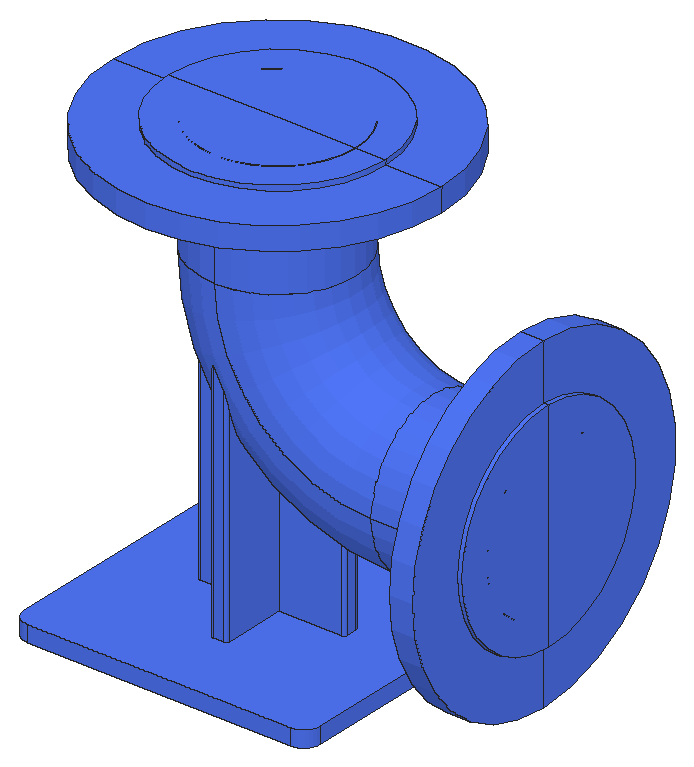
Revit family "712-7020-001-DN80-150", category Pipe Accessories, Revit 2019
Family settings
  Round Connector Dimension = Use Diameter
  Part Type = Breaks Into
  Work Plane-Based = No
  Always vertical = Yes
  Cut with Voids When Loaded = No
  Shared = No
Parameters (values of type "DN080_PN10/16")
  Search_Table = "712-7020-001-DN80-150"
  Rib_width_2 = Rib_width / 2  # 10 mm
  Rib_width = size_lookup(Search_Table, "Rib_width", 0 mm, [Nominal Diameter(DN)])  # 20 mm
  Rf_Dia = size_lookup(Search_Table, "Rf_Dia", 0 mm, [Nominal Diameter(DN)]) / 2  # 66 mm
  RF_Thick = size_lookup(Search_Table, "Rf_Thickness", 0 mm, [Nominal Diameter(DN)])  # 3 mm
  L_Ref = size_lookup(Search_Table, "L_Ref", 0 mm, [Nominal Diameter(DN)])  # 70 mm
  L = size_lookup(Search_Table, "L", 0 mm, [Nominal Diameter(DN)]) - L_Ref  # 95 mm
  ID = [Nominal Diameter(DN)] / 2  # 40 mm
  Hole = size_lookup(Search_Table, "Hole", 0 mm, [Nominal Diameter(DN)])  # 5 mm
  H_width = Rib_width / 3  # 6.667 mm
  H2 = size_lookup(Search_Table, "H2", 0 mm, [Nominal Diameter(DN)])  # 110 mm
  Flange_thickness = size_lookup(Search_Table, "Flange_thickness", 0 mm, [Nominal Diameter(DN)])  # 17 mm
  Nominal Diameter(DN) = 80 mm
  FOD = size_lookup(Search_Table, "FOD", 0 mm, [Nominal Diameter(DN)]) / 2  # 100 mm
  URL product pages = "https://www.avkvalves.com/P.aspx?no=712008070201"
  F2 = Flange_thickness * 2  # 34 mm
  Description_ = "AVK DUCKFOOT BEND/LOOSE FLANGES"
  DN150_PN10/16 = "712-0150-70-201"
  DN150 = no
  DN125_PN10/16 = "712-0125-70-201"
  DN125 = no
  DN100_PN10/16 = "712-0100-70-201"
  DN100 = no
  DN080_PN10/16 = "712-0080-70-201"
  DN80 = no
  D2 = D / 2  # 90 mm
  D = size_lookup(Search_Table, "D", 0 mm, [Nominal Diameter(DN)])  # 180 mm
  CH = Body_wallthickness / 2 + 5 mm  # 52.5 mm
  Body_wallthickness = 15 mm + [Nominal Diameter(DN)]  # 95 mm
Types (5, lengths in mm): name | Rib_width_2 | Rib_width | Rf_Dia | RF_Thick | L_Ref | L | ID | H_width | H2 | Flange_thickness | Nominal Diameter(DN) | FOD | F2 | D2 | D | CH | Body_wallthickness
  (no name) | 10 | 20 | 66 | 3 | 70 | 95 | 40 | 6.667 | 110 | 17 | 80 | 100 | 34 | 90 | 180 | 52.5 | 95
  DN080_PN10/16 | 10 | 20 | 66 | 3 | 70 | 95 | 40 | 6.667 | 110 | 17 | 80 | 100 | 34 | 90 | 180 | 52.5 | 95
  DN100_PN10/16 | 10 | 20 | 78 | 3 | 80 | 100 | 50 | 6.667 | 125 | 17 | 100 | 110 | 34 | 100 | 200 | 62.5 | 115
  DN125_PN10/16 | 10 | 20 | 92 | 3 | 90 | 110 | 62.5 | 6.667 | 140 | 18.5 | 125 | 125 | 37 | 112.5 | 225 | 75 | 140
  DN150_PN10/16 | 12.5 | 25 | 105.5 | 4 | 100 | 120 | 75 | 8.333 | 160 | 20 | 150 | 142.5 | 40 | 125 | 250 | 87.5 | 165
Reference planes
  plane 1 "Center (Front/Back)": y = 0
  plane 2: z = 0
  plane 3 "Center (Left/Right)": x = 0
  plane 4: y = 10
  plane 5: y = -10
  plane 6: y = 3.333
  plane 7: y = -3.333
  plane 8: z = -165
  plane 9: z = -95
  plane 10: z = -70
  plane 11: x = 95
  plane 12: z = -165
  plane 13: z = -95
  plane 14: z = -275
  plane 15: y = 90
  plane 16: x = -90
  plane 17: x = 90
  plane 18: y = 80
  plane 19: y = -80
  plane 20: y = -90
  plane 21: x = 80
  plane 22: x = -80
  plane 23: x = -5
  plane 24: x = 5
  plane 25: y = 5
  plane 26: y = -5
  plane 27: x = 3
  plane 28: x = -3
  plane 29: y = 43
  plane 30: y = 45
  plane 31: y = -45
  plane 32: y = 3
  plane 33: y = -3
  plane 34: x = -45
  plane 35: x = -43
  plane 36: x = 45
  plane 37: x = 43
  plane 38: y = -43
  plane 39: x = -90
  plane 40: x = 90
Forms (mm)
  Sweep 1, solid, material "Plastic"
    path origin (0, 0, 0) x (1, 0, 0) y (0, 0, 1)
      loop
        line (0, 0) -> (0, -70)
        arc (0, -70) -> (27.825, -137.175) -> (95, -165) r 95
        line (95, -165) -> (165, -165)
    profile origin (0, 0, -35) x (0, -1, 0) y (1, 0, 0)
      loop
        circle (0, 0) r 47.5
  Revolve 2, solid, material "Plastic"
    sketch origin (0, 0, 0) x (1, 0, 0) y (0, 0, 1)
      loop
        line (0, 0) -> (0, -17) -> (100, -17) -> (100, 0) -> (0, 0)
      axis (0, -17) -> (0, 0)
    angle from 0 to 360
  Revolve 3, solid, material "Plastic"
    sketch origin (0, 0, 0) x (1, 0, 0) y (0, 0, 1)
      loop
        line (165, -165) -> (165, -65) -> (148, -65) -> (148, -165) -> (165, -165)
      axis (148, -165) -> (165, -165)
    angle from 0 to 360
  Revolve 4, solid, material "Plastic"
    sketch origin (0, 0, 0) x (1, 0, 0) y (0, 0, 1)
      loop
        line (40, -17) -> (40, -51) -> (52.5, -34) -> (52.5, -17) -> (40, -17)
      axis (0, -51) -> (0, -17)
    angle from 0 to 360
  Revolve 5, solid, material "Plastic"
    sketch origin (0, 0, 0) x (1, 0, 0) y (0, 0, 1)
      loop
        line (148, -112.5) -> (131, -112.5) -> (114, -125) -> (148, -125) -> (148, -112.5)
      axis (114, -165) -> (148, -165)
    angle from 0 to 360
  Revolve 6, void
    sketch origin (0, 0, 0) x (1, 0, 0) y (0, 0, 1)
      loop
        line (100, 0) -> (66, 0) -> (66, -3) -> (100, -3) -> (100, 0)
      axis (0, -3) -> (0, 0)
    angle from 0 to 360
  Revolve 7, void
    sketch origin (0, 0, 0) x (1, 0, 0) y (0, 0, 1)
      loop
        line (165, -65) -> (162, -65) -> (162, -99) -> (165, -99) -> (165, -65)
      axis (162, -165) -> (165, -165)
    angle from 0 to 360
  Extrusion 8, solid, material "Plastic"
    sketch origin (0, 0, 0) x (1, 0, 0) y (0, 1, 0)
      loop
        arc (-80, 90) -> (-87.071, 87.071) -> (-90, 80) r 10
        line (-90, 80) -> (-90, -80)
        arc (-90, -80) -> (-87.071, -87.071) -> (-80, -90) r 10
        line (-80, -90) -> (80, -90)
        arc (80, -90) -> (87.071, -87.071) -> (90, -80) r 10
        line (90, -80) -> (90, 80)
        arc (90, 80) -> (87.071, 87.071) -> (80, 90) r 10
        line (80, 90) -> (-80, 90)
    from -265.211 to -275
  Extrusion 9, solid, material "Plastic"
    sketch origin (0, 0, 0) x (1, 0, 0) y (0, 1, 0)
      loop
        arc (-3, 45) -> (-4.414, 44.414) -> (-5, 43) r 2
        line (-5, 43) -> (-5, 5) -> (-43, 5)
        arc (-43, 5) -> (-44.414, 4.414) -> (-45, 3) r 2
        line (-45, 3) -> (-45, -3)
        arc (-45, -3) -> (-44.414, -4.414) -> (-43, -5) r 2
        line (-43, -5) -> (-5, -5) -> (-5, -43)
        arc (-5, -43) -> (-4.414, -44.414) -> (-3, -45) r 2
        line (-3, -45) -> (3, -45)
        arc (3, -45) -> (4.414, -44.414) -> (5, -43) r 2
        line (5, -43) -> (5, -5) -> (43, -5)
        arc (43, -5) -> (44.414, -4.414) -> (45, -3) r 2
        line (45, -3) -> (45, 3)
        arc (45, 3) -> (44.414, 4.414) -> (43, 5) r 2
        line (43, 5) -> (5, 5) -> (5, 43)
        arc (5, 43) -> (4.414, 44.414) -> (3, 45) r 2
        line (3, 45) -> (-3, 45)
    from -51 to -265.211
Cuts and joins
  Revolve 6 cuts Revolve 2
  Revolve 7 cuts Revolve 3
Dimensions and locks
  equal spacing: plane 4, plane 1 "Center (Front/Back)", plane 5
  "Rib_width": plane 4 to plane 5
  equal spacing: plane 6, plane 1 "Center (Front/Back)", plane 7
  "H_width": plane 6 to plane 7
  "L": level to plane 9
  "L_Ref": plane 9 to plane 8
  "L_Ref": level to plane 10
  "L": plane 11 to plane 3 "Center (Left/Right)"
  "L": plane 10 to Sweep 1 sketch curve
  "L_Ref": plane 11 to Sweep 1 sketch curve
  "FOD": Revolve 2 sketch curve to plane 3 "Center (Left/Right)"
  "Flange_thickness": level to Revolve 2 sketch curve
  "L": level to plane 13
  "L_Ref": plane 13 to plane 12
  "Flange_thickness": Sweep 1 to Revolve 3 sketch curve
  "FOD": Revolve 3 sketch curve to plane 12
  "ID": Revolve 4 sketch curve to plane 3 "Center (Left/Right)"
  "Flange_thickness": Revolve 2 to Revolve 4 sketch curve
  "CH": Revolve 4 sketch curve to plane 3 "Center (Left/Right)"
  "F2": Revolve 2 to Revolve 4 sketch curve
  "F2": Revolve 5 sketch curve to Revolve 3
  "Flange_thickness": Revolve 5 sketch curve to Revolve 3
  "ID": Revolve 5 sketch curve to plane 12
  "CH": Revolve 5 sketch curve to plane 12
  "FOD": Revolve 6 sketch curve to plane 3 "Center (Left/Right)"
  "Rf_Dia": plane 3 "Center (Left/Right)" to Revolve 6 sketch curve
  "RF_Thick": Revolve 2 to Revolve 6 sketch curve
  "FOD": Revolve 7 sketch curve to plane 12
  "Rf_Dia": Revolve 7 sketch curve to plane 12
  "RF_Thick": Revolve 7 sketch curve to Revolve 3
  "H2": plane 8 to plane 14
  locked: Extrusion 8 to plane 14 at 9.789
  locked: plane 21 to plane 17 at 10
  locked: plane 16 to plane 22 at 10
  locked: plane 15 to plane 18 at 10
  locked: plane 19 to plane 20 at 10
  equal spacing: plane 16, plane 3 "Center (Left/Right)", plane 17
  "D": plane 16 to plane 17
  equal spacing: plane 15, plane 1 "Center (Front/Back)", plane 20
  "D": plane 15 to plane 20
  locked: plane 23 to plane 28 at 2
  locked: plane 27 to plane 24 at 2
  locked: plane 30 to plane 29 at 2
  locked: plane 38 to plane 31 at 2
  locked: plane 25 to plane 32 at 2
  locked: plane 33 to plane 26 at 2
  locked: plane 37 to plane 36 at 2
  locked: plane 34 to plane 35 at 2
  equal spacing: plane 23, plane 3 "Center (Left/Right)", plane 24
  equal spacing: plane 25, plane 1 "Center (Front/Back)", plane 26
  equal spacing: plane 30, plane 1 "Center (Front/Back)", plane 31
  equal spacing: plane 34, plane 3 "Center (Left/Right)", plane 36
  "Rib_width_2": plane 23 to plane 24
  "Rib_width_2": plane 25 to plane 26
  "D2": plane 30 to plane 31
  "D2": plane 34 to plane 36
  level to plane 12 = 165 mm
  equal spacing: plane 40, plane 3 "Center (Left/Right)", plane 39
  "D": plane 40 to plane 39
  "Body_wallthickness": diameter of Sweep 1 sketch curve
  aligned and locked: level to plane 2
  aligned and locked: plane 10 to Sweep 1 sketch curve
  aligned and locked: Sweep 1 sketch curve to plane 3 "Center (Left/Right)"
  aligned and locked: plane 8 to Sweep 1 sketch curve
  aligned and locked: plane 11 to Sweep 1 sketch curve
  aligned and locked: Sweep 1 to Revolve 2 sketch curve
  aligned and locked: Revolve 2 sketch curve to Sweep 1
  aligned and locked: plane 3 "Center (Left/Right)" to Revolve 2 sketch curve
  aligned and locked: plane 12 to Revolve 3 sketch curve  (x2)
  aligned and locked: Revolve 3 sketch curve to Sweep 1
  aligned and locked: Revolve 4 sketch curve to Revolve 2
  aligned and locked: plane 3 "Center (Left/Right)" to Revolve 4 sketch curve
  aligned and locked: Revolve 5 sketch curve to Revolve 3
  aligned and locked: Revolve 5 sketch curve to plane 12
  aligned and locked: Revolve 6 sketch curve to Revolve 2
  aligned and locked: plane 3 "Center (Left/Right)" to Revolve 6 sketch curve
  aligned and locked: Revolve 7 sketch curve to Revolve 3
  aligned and locked: plane 12 to Revolve 7 sketch curve
  aligned and locked: Extrusion 8 to plane 14
  aligned and locked: plane 15 to Extrusion 8 sketch curve  (x2)
  aligned and locked: plane 21 to Extrusion 8 sketch curve  (x2)
  aligned and locked: plane 18 to Extrusion 8 sketch curve  (x2)
  aligned and locked: plane 17 to Extrusion 8 sketch curve  (x2)
  aligned and locked: plane 19 to Extrusion 8 sketch curve  (x2)
  aligned and locked: plane 20 to Extrusion 8 sketch curve  (x2)
  aligned and locked: plane 22 to Extrusion 8 sketch curve  (x2)
  aligned and locked: plane 16 to Extrusion 8 sketch curve  (x2)
  aligned and locked: plane 30 to Extrusion 9 sketch curve  (x2)
  aligned and locked: plane 27 to Extrusion 9 sketch curve  (x2)
  aligned and locked: plane 29 to Extrusion 9 sketch curve  (x2)
  aligned and locked: plane 24 to Extrusion 9 sketch curve  (x2)
  aligned and locked: plane 28 to Extrusion 9 sketch curve  (x2)
  aligned and locked: plane 23 to Extrusion 9 sketch curve  (x2)
  aligned and locked: plane 25 to Extrusion 9 sketch curve  (x2)
  aligned and locked: plane 37 to Extrusion 9 sketch curve  (x2)
  aligned and locked: plane 32 to Extrusion 9 sketch curve  (x2)
  aligned and locked: plane 36 to Extrusion 9 sketch curve  (x2)
  aligned and locked: plane 33 to Extrusion 9 sketch curve  (x2)
  aligned and locked: plane 26 to Extrusion 9 sketch curve  (x2)
  aligned and locked: plane 35 to Extrusion 9 sketch curve  (x2)
  aligned and locked: plane 34 to Extrusion 9 sketch curve  (x2)
  aligned and locked: plane 38 to Extrusion 9 sketch curve  (x2)
  aligned and locked: plane 31 to Extrusion 9 sketch curve  (x2)
  aligned and locked: Extrusion 9 to Extrusion 8
  aligned and locked: Extrusion 9 to Revolve 4
  aligned and locked: nested 1 to plane 3 "Center (Left/Right)"
  aligned and locked: plane 39 to Extrusion 8
  aligned and locked: plane 40 to Extrusion 8
Automatic sketch dimensions
  Sweep 1 sketch curve to level = 0 mm
  plane 1 "Center (Front/Back)" to Sweep 1 sketch curve = 0 mm
  Sweep 1 sketch curve to profile plane = 0 mm
  level to Revolve 2 sketch curve = 15 mm
  Revolve 2 sketch curve to Revolve 2 sketch curve = 35 mm
  Revolve 3 sketch curve to Revolve 3 sketch curve = 10 mm
  Revolve 3 sketch curve to Revolve 3 sketch curve = 25 mm
  plane 9 to Revolve 4 sketch curve = 28 mm
  plane 9 to Revolve 4 sketch curve = 8 mm
  Revolve 5 sketch curve to Revolve 5 sketch curve = 22.283 mm
  Revolve 5 sketch curve to Revolve 5 sketch curve = 37.932 mm
  plane 9 to Revolve 6 sketch curve = 37 mm
  plane 9 to Revolve 6 sketch curve = 12 mm
  Revolve 7 sketch curve to Revolve 7 sketch curve = 25 mm
  Revolve 7 sketch curve to Revolve 7 sketch curve = 10 mm
Nested families
  nested 1: "Latest 1 - Copy" at (0, -52.5, -34) x (1, 0, 0) z (0, -1, 0), type "Latest 1 - Copy"
Connectors
  piping at (0, 0, 0), diameter 80, driven by "Nominal Diameter(DN)"
    settings: on Revolve 2, index 3, connector inside diameter 609.6 mm, connector length 0 mm, flow factor 0, pipe flow 0.0 L/s, pressure drop 0.0 Pa, fitting loss kfactor 0, connector angle 0.00°, fixture units 0, engagement length 0 mm, angle of deflection 0.00°, flow configuration 0, flow direction 0, fitting loss method 0, system type 7, joint type 0, gender type 0, connector reference index -1, connector utility 0, adjustable connector no, is connector primary yes, connector description ""
  piping at (165, 0, -165), diameter 80, driven by "Nominal Diameter(DN)"
    settings: on Revolve 3, index 4, connector inside diameter 609.6 mm, connector length 0 mm, flow factor 0, pipe flow 0.0 L/s, pressure drop 0.0 Pa, fitting loss kfactor 0, connector angle 0.00°, fixture units 0, engagement length 0 mm, angle of deflection 0.00°, flow configuration 0, flow direction 0, fitting loss method 0, system type 7, joint type 0, gender type 0, connector reference index -1, connector utility 0, adjustable connector no, is connector primary no, connector description ""
Definition of nested family "Latest 1 - Copy"
  Parameters
    Default Elevation = 1219.2 mm
  Reference planes
    plane 1 "Center (Front/Back)": y = 0
    plane 2: z = 0
    plane 3 "Center (Left/Right)": x = 0
  Forms (mm)
    Extrusion 1, solid
      sketch origin (0, 0, 0) x (1, 0, 0) y (0, 1, 0)
        loop
          line (-1219.2, 1219.2) -> (-1219.2, -1219.2) -> (1219.2, -1219.2) -> (1219.2, 1219.2) -> (-1219.2, 1219.2)
      from 0 to -304.8
    Extrusion 2, solid
      sketch origin (0, 0, 0) x (1, 0, 0) y (0, 1, 0)
        loop
          line (-2.683, 9.413) -> (-9.884, 9.413) -> (-9.884, 7.46) -> (-4.022, 7.46) -> (-0.985, 0) -> (0.985, 0) -> (4.022, 7.46) -> (9.884, 7.46) -> (9.884, 9.413) -> (2.683, 9.413) -> (0, 2.824) -> (-2.683, 9.413)
        loop
          line (-4.528, 6.707) -> (-9.884, 6.707) -> (-9.884, 4.824) -> (-8.032, 4.824) -> (-9.884, 0) -> (-7.792, 0) -> (-7.394, 1.035) -> (-4.328, 1.035) -> (-3.907, 0) -> (-1.798, 0) -> (-4.528, 6.707)
        loop
          line (-6.91, 2.824) -> (-5.056, 2.824) -> (-6.01, 5.167) -> (-6.91, 2.824)
        loop
          line (1.798, 0) -> (3.907, 0) -> (4.98, 2.637) -> (6.968, 0) -> (9.413, 0) -> (7.166, 2.983)
          arc (7.166, 2.983) -> (8.216, 3.774) -> (9.007, 4.824) r 4.724
          line (9.007, 4.824) -> (9.884, 4.824) -> (9.884, 6.707) -> (8.001, 6.707)
          arc (8.001, 6.707) -> (7.315, 5.008) -> (5.642, 4.261) r 2.448
          line (5.642, 4.261) -> (6.637, 6.707) -> (4.528, 6.707) -> (1.798, 0)
      from 0 to 1
  Dimensions and locks
    aligned and locked: plane 2 to Extrusion 1
    aligned and locked: level to Extrusion 1
    aligned and locked: Extrusion 2 sketch curve to import instance  (x30)
